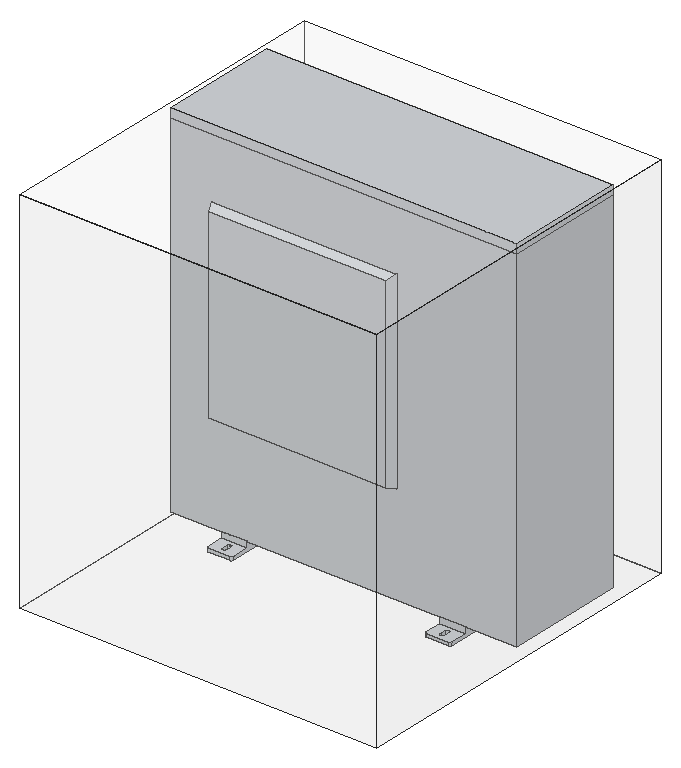
Revit family "puz-ermp80sha_280ka12_60Hz", category 機械設備, Revit 2019
Family settings
  丸型コネクタ寸法 = 直径を使用
  パーツ タイプ = 標準
  OmniClass 番号 = 23.75.10.24.21.27.27
  OmniClass タイトル = Split System Air Conditioning Units
  作業面ベース = いいえ
  常に垂直 = はい
  ロード時にボイドで切り取り = いいえ
  共有 = いいえ
  部屋計算ポイント = いいえ
Parameters (values of type "PUZ-ERMP140LA12")
  音響パワーレベル（冷）(dB) = 73
  音響パワーレベル(dB) = 74
  電源種別 = ""
  電源位置Y = 5 mm
  電源位置Z = 685 mm
  電源位置X = 275 mm
  電圧 = 200 V
  電動機出力_送風機 = 0.2 kW
  電動機出力_圧縮機 = 2.6 kW
  集中コントローラ [instance] = ""
  運転質量 = 0.00 kg
  運転方法 = "冷暖切替"
  質量 = if(製品質量 > 運転質量, 製品質量, 運転質量) * 1.2  # 90.00 kg
  負荷分類 = 1_熱源類
  説明 = "空冷H/P PAC インバータ室外機"
  設計暖房能力 [instance] = 0 kW
  設計冷房能力_顕熱 [instance] = 0 kW
  設計冷房能力 [instance] = 0 kW
  設置方法 = "床置形"
  記号 [instance] = ""
  製造元 = "三菱電機株式会社"
  製品質量 = 75.00 kg
  製品出荷対象 = "国内"
  製品リリース年月 = "2022/10/11"
  製品グループ = ""
  系統 [instance] = ""
  符号 = "PAC"
  積算_科目 = "1 空気調和設備"
  積算_拾い区分 [instance] = ""
  相 = 3
  盤記号 [instance] = ""
  発停方法 = "付属スイッチ"
  特殊仕様 [instance] = ""
  消費電力_暖房 = 3.32 kW
  消費電力_冷房 = 3.37 kW
  消費電力 = if(消費電力_冷房 > 消費電力_暖房, 消費電力_冷房, 消費電力_暖房)  # 3.37 kW
  法定耐用年数 = "6"
  構成品番 = "PUZ-ERMP140LA"
  極数 = 3
  材質 [instance] = ""
  本体マテリアル = none
  最小電線太さ_mm2 = 1.6
  最大電流値 = 0 A
  暖房能力 = 14 kW
  推奨ブレーカー容量 = 30 A
  据付ピッチ1 = 0 mm
  形式 = "パッケージ形 室外機"
  形名 = PUZ-ERMP-4 : PUZ-ERMP112
  幹線記号 [instance] = ""
  始動方式 = "インバータ始動方式"
  呼称 = "パッケージ形空気調和機_室外機"
  周波数 = 60 Hz
  価格 = 1010000
  ドレン　位置Z = 23 mm
  ドレン　位置Y = 111.4 mm
  ドレン　位置X = 52 mm
  アンカーボルト位置Y = 370 mm
  アンカーボルト位置X = 600 mm
  参照している仕様書等のバージョン = "公共建築物標準仕様書（機械設備工事編）平成31年度版"
  分類コード = "50053003126100"
  分類グループ = ""
  冷房能力 = 12.5 kW
  冷媒管（ガス）位置X = 429 mm
  冷媒管（液）位置X = 372 mm
  冷媒管（液）位置Y = 290.5 mm
  冷媒管（ガス）位置Y = 269 mm
  冷媒管長 [instance] = 0 mm
  冷媒管径符号 = "Bd"
  冷媒管径 = 100.00 mm
  冷媒管位置Z = 447 mm
  冷媒管位置Y = (冷媒管（液）位置Y + 冷媒管（ガス）位置Y) / 2  # 279.75 mm
  冷媒管位置X = (冷媒管（液）位置X + 冷媒管（ガス）位置X) / 2  # 400.5 mm
  冷媒液管径 = 9.52 mm
  冷媒ガス管径 = 15.88 mm
  企業コード = "108420"
  付属品 [instance] = ""
  仕様書バージョン = "Version1.0"
  ユニット数 = 1
  ユニット3 = no
  ユニット2 = yes
  Model = ""
  ドレン管径 = 33.00 mm
  サービススペース = yes
  コメント [instance] = ""
  ケーブル種類1 = ""
  Width = 950 mm
  Version = ""
  Uniclass2015Version = "Systems v1.9"
  Uniclass2015Title = "Split coil remote air cooled condensing units"
  Uniclass2015Code = "Pr_70_65_03_84"
  URL = "https://www.mitsubishielectric.co.jp/ldg/wink/ssl/displayProduct.do?pid=323579"
  SpecificationReference = ""
  SpecificationDescription = ""
  Revision = ""
  ProductInformation = ""
  OmniClassCode = "23-33 17 13 11"
  IfcTypeProduct = ""
  IfcProduct = ""
  IfcExportType = "AIRCONDITIONINGUNIT"
  IfcExportAs = "IfcUnitaryEquipmentType"
  Height = 1018 mm
  Depth = 330 mm
  Clearance Top = 0 mm
  Clearance Right = 15 mm
  Clearance Left = 15 mm
  Clearance Front = 500 mm
  Clearance Bottom = 0 mm
  Clearance Back = 150 mm
  COP = 0
  Author = "三菱電機株式会社"
  APF = 0
Reference planes
  plane 1 "中心(正面/背面)": y = 74
  plane 2: z = 0
  plane 3 "中心(左/右)": x = 830
  plane 4 "右": x = 1305
  plane 5 "左": x = 355
  plane 6 "背面": y = 239
  plane 7 "正面": y = -91
  plane 8 "上部": z = 1018
  plane 9 "Clearanse Top": z = 1018
  plane 10 "SS_back": y = 389
  plane 11 "SS_front": y = -591
  plane 12 "SS_left": x = 340
  plane 13 "SS_right": x = 1320
  plane 14: z = 0
  plane 15: y = -86
  plane 16: x = 1105
  plane 17: z = 685
  plane 18: y = -84
  plane 19: y = -40.75
  plane 20: x = 1230.5
  plane 21: z = 447
  plane 22: z = 449
  plane 23: y = 127.6
  plane 24: x = 407
  plane 25: z = 25
  plane 26: z = 23
  plane 27: x = 530
  plane 28: x = 1130
  plane 29: y = 259
  plane 30: y = -111
Forms (mm)
  Extrusion 1, solid, detail levels fine
    sketch origin (0, -91, 0) x (1, 0, 0) y (0, 0, 1)
      loop
        circle (1105, 685) r 13.5
    from -7 to -5
  Extrusion 2, solid, detail levels fine
    sketch origin (-1437.329, -1524, 54) x (-1, 0, 0) y (0, -1, 0)
      loop
        circle (-2667.829, -1483.25) r 50
    from 393 to 395
  Extrusion 3, solid, detail levels fine
    sketch origin (-1437.329, -1524, 54) x (-1, 0, 0) y (0, -1, 0)
      loop
        circle (-1844.329, -1651.6) r 16.5
    from -31 to -29
Lines and regions (mm)
  model lines, not visible
    curve 1: line (460, 178.667, 1289.179) -> (460, 297.73, 1289.179)
    curve 2: line (460, 178.667, 1056.056) -> (460, 178.667, 1289.179)
    curve 3: line (460, 297.73, 1056.056) -> (460, 178.667, 1056.056)
    curve 4: line (460, 297.73, 1289.179) -> (460, 297.73, 1056.056)
    curve 5: line (460, 47.598, 1289.179) -> (460, 166.661, 1289.179)
    curve 6: line (460, 47.598, 1056.056) -> (460, 47.598, 1289.179)
    curve 7: line (460, 166.661, 1056.056) -> (460, 47.598, 1056.056)
    curve 8: line (460, 166.661, 1289.179) -> (460, 166.661, 1056.056)
    curve 9: line (460, -83.471, 1289.179) -> (460, 35.592, 1289.179)
    curve 10: line (460, -83.471, 1056.056) -> (460, -83.471, 1289.179)
    curve 11: line (460, 35.592, 1056.056) -> (460, -83.471, 1056.056)
    curve 12: line (460, 35.592, 1289.179) -> (460, 35.592, 1056.056)
    curve 13: line (460, -150.779, 1289.179) -> (460, -95.75, 1289.179)
    curve 14: line (460, -150.779, 1056.056) -> (460, -150.779, 1289.179)
    curve 15: line (460, -95.75, 1056.056) -> (460, -150.779, 1056.056)
    curve 16: line (460, -95.75, 1289.179) -> (460, -95.75, 1056.056)
    curve 17: line (460, -150.779, 1283.175) -> (460, -132.596, 1283.175)
    curve 18: line (460, -150.779, 1062.059) -> (460, -150.779, 1283.175)
    curve 19: line (460, -132.596, 1062.059) -> (460, -150.779, 1062.059)
    curve 20: line (460, -132.596, 1283.175) -> (460, -132.596, 1062.059)
    curve 21: line (460, 178.667, 1046.051) -> (460, 297.73, 1046.051)
    curve 22: line (460, 178.667, 812.928) -> (460, 178.667, 1046.051)
    curve 23: line (460, 297.73, 812.928) -> (460, 178.667, 812.928)
    curve 24: line (460, 297.73, 1046.051) -> (460, 297.73, 812.928)
    curve 25: line (460, 47.598, 1046.051) -> (460, 166.661, 1046.051)
    curve 26: line (460, 47.598, 812.928) -> (460, 47.598, 1046.051)
    curve 27: line (460, 166.661, 812.928) -> (460, 47.598, 812.928)
    curve 28: line (460, 166.661, 1046.051) -> (460, 166.661, 812.928)
    curve 29: line (460, -83.471, 1046.051) -> (460, 35.592, 1046.051)
    curve 30: line (460, -83.471, 812.928) -> (460, -83.471, 1046.051)
    curve 31: line (460, 35.592, 812.928) -> (460, -83.471, 812.928)
    curve 32: line (460, 35.592, 1046.051) -> (460, 35.592, 812.928)
    curve 33: line (460, -150.779, 1046.051) -> (460, -95.75, 1046.051)
    curve 34: line (460, -150.779, 812.928) -> (460, -150.779, 1046.051)
    curve 35: line (460, -95.75, 812.928) -> (460, -150.779, 812.928)
    curve 36: line (460, -95.75, 1046.051) -> (460, -95.75, 812.928)
    curve 37: line (460, -150.779, 1040.048) -> (460, -132.596, 1040.048)
    curve 38: line (460, -150.779, 818.931) -> (460, -150.779, 1040.048)
    curve 39: line (460, -132.596, 818.931) -> (460, -150.779, 818.931)
    curve 40: line (460, -132.596, 1040.048) -> (460, -132.596, 818.931)
    curve 41: line (460, 178.667, 802.923) -> (460, 297.73, 802.923)
    curve 42: line (460, 178.667, 569.8) -> (460, 178.667, 802.923)
    curve 43: line (460, 297.73, 569.8) -> (460, 178.667, 569.8)
    curve 44: line (460, 297.73, 802.923) -> (460, 297.73, 569.8)
    curve 45: line (460, 47.598, 802.923) -> (460, 166.661, 802.923)
    curve 46: line (460, 47.598, 569.8) -> (460, 47.598, 802.923)
    curve 47: line (460, 166.661, 569.8) -> (460, 47.598, 569.8)
    curve 48: line (460, 166.661, 802.923) -> (460, 166.661, 569.8)
    curve 49: line (460, -83.471, 802.923) -> (460, 35.592, 802.923)
    curve 50: line (460, -83.471, 569.8) -> (460, -83.471, 802.923)
    curve 51: line (460, 35.592, 569.8) -> (460, -83.471, 569.8)
    curve 52: line (460, 35.592, 802.923) -> (460, 35.592, 569.8)
    curve 53: line (460, -150.779, 802.923) -> (460, -95.75, 802.923)
    curve 54: line (460, -150.779, 569.8) -> (460, -150.779, 802.923)
    curve 55: line (460, -95.75, 569.8) -> (460, -150.779, 569.8)
    curve 56: line (460, -95.75, 802.923) -> (460, -95.75, 569.8)
    curve 57: line (460, -150.779, 796.92) -> (460, -132.596, 796.92)
    curve 58: line (460, -150.779, 575.803) -> (460, -150.779, 796.92)
    curve 59: line (460, -132.596, 575.803) -> (460, -150.779, 575.803)
    curve 60: line (460, -132.596, 796.92) -> (460, -132.596, 575.803)
    curve 61: line (460, 178.667, 559.795) -> (460, 297.73, 559.795)
    curve 62: line (460, 178.667, 326.672) -> (460, 178.667, 559.795)
    curve 63: line (460, 297.73, 326.672) -> (460, 178.667, 326.672)
    curve 64: line (460, 297.73, 559.795) -> (460, 297.73, 326.672)
    curve 65: line (460, 47.598, 559.795) -> (460, 166.661, 559.795)
    curve 66: line (460, 47.598, 326.672) -> (460, 47.598, 559.795)
    curve 67: line (460, 166.661, 326.672) -> (460, 47.598, 326.672)
    curve 68: line (460, 166.661, 559.795) -> (460, 166.661, 326.672)
    curve 69: line (460, -83.471, 559.795) -> (460, 35.592, 559.795)
    curve 70: line (460, -83.471, 326.672) -> (460, -83.471, 559.795)
    curve 71: line (460, 35.592, 326.672) -> (460, -83.471, 326.672)
    curve 72: line (460, 35.592, 559.795) -> (460, 35.592, 326.672)
    curve 73: line (460, -150.779, 559.795) -> (460, -95.75, 559.795)
    curve 74: line (460, -150.779, 326.672) -> (460, -150.779, 559.795)
    curve 75: line (460, -95.75, 326.672) -> (460, -150.779, 326.672)
    curve 76: line (460, -95.75, 559.795) -> (460, -95.75, 326.672)
    curve 77: line (460, -150.779, 553.792) -> (460, -132.596, 553.792)
    curve 78: line (460, -150.779, 332.675) -> (460, -150.779, 553.792)
    curve 79: line (460, -132.596, 332.675) -> (460, -150.779, 332.675)
    curve 80: line (460, -132.596, 553.792) -> (460, -132.596, 332.675)
    curve 81: line (460, 178.667, 316.667) -> (460, 297.73, 316.667)
    curve 82: line (460, 178.667, 83.544) -> (460, 178.667, 316.667)
    curve 83: line (460, 297.73, 83.544) -> (460, 178.667, 83.544)
    curve 84: line (460, 297.73, 316.667) -> (460, 297.73, 83.544)
    curve 85: line (460, 47.598, 316.667) -> (460, 166.661, 316.667)
    curve 86: line (460, 47.598, 83.544) -> (460, 47.598, 316.667)
    curve 87: line (460, 166.661, 83.544) -> (460, 47.598, 83.544)
    curve 88: line (460, 166.661, 316.667) -> (460, 166.661, 83.544)
    curve 89: line (460, -83.471, 316.667) -> (460, 35.592, 316.667)
    curve 90: line (460, -83.471, 83.544) -> (460, -83.471, 316.667)
    curve 91: line (460, 35.592, 83.544) -> (460, -83.471, 83.544)
    curve 92: line (460, 35.592, 316.667) -> (460, 35.592, 83.544)
    curve 93: line (460, -150.779, 316.667) -> (460, -95.75, 316.667)
    curve 94: line (460, -150.779, 83.544) -> (460, -150.779, 316.667)
    curve 95: line (460, -95.75, 83.544) -> (460, -150.779, 83.544)
    curve 96: line (460, -95.75, 316.667) -> (460, -95.75, 83.544)
    curve 97: line (460, -150.779, 310.664) -> (460, -132.596, 310.664)
    curve 98: line (460, -150.779, 89.547) -> (460, -150.779, 310.664)
    curve 99: line (460, -132.596, 89.547) -> (460, -150.779, 89.547)
    curve 100: line (460, -132.596, 310.664) -> (460, -132.596, 89.547)
Dimensions and locks
  equal spacing: plane 7 "正面", plane 1 "中心(正面/背面)", plane 6 "背面"
  "Depth": plane 7 "正面" to plane 6 "背面"
  "Width": plane 5 "左" to plane 4 "右"
  equal spacing: plane 5 "左", plane 3 "中心(左/右)", plane 4 "右"
  "Clearance Left": plane 12 "SS_left" to plane 5 "左"
  "Clearance Right": plane 4 "右" to plane 13 "SS_right"
  "Clearance Back": plane 6 "背面" to plane 10 "SS_back"
  "Clearance Front": plane 11 "SS_front" to plane 7 "正面"
  "Height": plane 8 "上部" to level
  "Clearance Top": plane 9 "Clearanse Top" to plane 8 "上部"
  "Clearance Bottom": level to plane 14
  "電源位置X": plane 3 "中心(左/右)" to plane 16
  "電源位置Y": plane 7 "正面" to plane 15
  "電源位置Z": plane 17 to level
  locked: plane 15 to plane 18 at 2
  "冷媒管位置X": plane 3 "中心(左/右)" to plane 20
  "冷媒管位置Y": plane 19 to plane 6 "背面"
  "冷媒管位置Z": plane 21 to level
  locked: plane 22 to plane 21 at 2
  "ドレン　位置X": plane 5 "左" to plane 24
  "ドレン　位置Y": plane 23 to plane 6 "背面"
  locked: plane 25 to plane 26 at 2
  "ドレン　位置Z": plane 26 to level
  equal spacing: plane 30, plane 1 "中心(正面/背面)", plane 29
  "アンカーボルト位置Y": plane 30 to plane 29
  equal spacing: plane 27, plane 3 "中心(左/右)", plane 28
  "アンカーボルト位置X": plane 27 to plane 28
  radius of Extrusion 1 sketch curve = 13.5 mm
  "冷媒管径": diameter of Extrusion 2 sketch curve
  "ドレン管径": diameter of Extrusion 3 sketch curve
  aligned and locked: level to plane 2
  aligned and locked: plane 10 "SS_back" to nested 1  (x2)
  aligned and locked: plane 13 "SS_right" to nested 1
  aligned and locked: plane 12 "SS_left" to nested 1  (x2)
  aligned and locked: nested 1 to plane 13 "SS_right"
  aligned and locked: plane 11 "SS_front" to nested 1
  aligned and locked: plane 9 "Clearanse Top" to nested 1
  aligned and locked: plane 1 "中心(正面/背面)" to nested 2
  aligned and locked: plane 3 "中心(左/右)" to nested 2
  aligned and locked: plane 14 to nested 1
  aligned and locked: plane 17 to Extrusion 1 sketch curve
  aligned and locked: plane 16 to Extrusion 1 sketch curve
  aligned and locked: Extrusion 1 to plane 18
  aligned and locked: plane 15 to Extrusion 1
  aligned and locked: plane 19 to Extrusion 2 sketch curve
  aligned and locked: plane 20 to Extrusion 2 sketch curve
  aligned and locked: plane 22 to Extrusion 2
  aligned and locked: Extrusion 2 to plane 21
  aligned and locked: plane 24 to Extrusion 3 sketch curve
  aligned and locked: plane 23 to Extrusion 3 sketch curve
  aligned and locked: plane 25 to Extrusion 3
  aligned and locked: Extrusion 3 to plane 26
  aligned and locked: plane 27 to nested 3
  aligned and locked: plane 29 to nested 3
Nested families
  nested 1: "サービススペース" at (830, -101, 509), visible <- "サービススペース", type "サービススペース"
    with Width 980 mm, Height 1018 mm, Depth 980 mm
  nested 2: "PUZ-ERMP-4" at (830, 74, 0), type <- "形名", type "PUZ-ERMP112"
  nested 3: "固定点" at (530, -111, 0), type "固定点"
    with W 600 mm, D 370 mm
Connectors
  piping at (1230.5, -40.75, 447), diameter 100, driven by "冷媒管径", driven by "冷媒管径符号"
    settings: on Extrusion 2, index 1, connector inside diameter 609.60 mm, connector length 0 mm, flow factor 0, pipe flow 0.0 L/s, pressure drop 0.0 Pa, fitting loss kfactor 0, connector angle 0.00°, fixture units 0, engagement length 0 mm, angle of deflection 0.00°, flow configuration 1, flow direction 2, fitting loss method 4, system type 7, joint type 0, gender type 0, connector reference index -1, connector utility 0, adjustable connector no, is connector primary yes, connector description "Bd"
  electrical at (1105, -86, 685), driven by "極数", driven by "負荷分類", driven by "電圧", driven by "消費電力"
    settings: on Extrusion 1, index 2, voltage 200 V, apparent load 3370 VA, apparent load phase1 0 VA, apparent load phase2 0 VA, apparent load phase3 0 VA, power factor 1, load classification "1_熱源類", number of poles 3, system type 30, power factor state 1, is connector primary yes, connector utility no, sub classification motor no, connector description ""
Definition of nested family "サービススペース"
  Parameters (values of type "サービススペース")
    Width [instance] = 500 mm
    Height [instance] = 500 mm
    Depth [instance] = 500 mm
  Reference planes
    plane 1 "中心(正面/背面)": y = 0
    plane 2: z = 0
    plane 3 "中心(左/右)": x = 0
    plane 4: y = -250
    plane 5: x = 250
    plane 6: y = 250
    plane 7: x = -250
    plane 8: z = 250
    plane 9: z = -250
  Forms (mm)
    Extrusion 1, solid
      sketch origin (-638.939, 0, 72.39) x (1, 0, 0) y (0, 1, 0)
        loop
          line (388.939, 250) -> (388.939, -250) -> (888.939, -250) -> (888.939, 250) -> (388.939, 250)
      from -322.39 to 177.61
  Lines and regions (mm)
    symbolic lines
      curve 1: line (-250, 0, 250) -> (250, 0, 250)
      curve 2: line (-250, 0, -250) -> (-250, 0, 250)
      curve 3: line (250, 0, -250) -> (-250, 0, -250)
      curve 4: line (250, 0, 250) -> (250, 0, -250)
      curve 5: line (0, -250, 250) -> (0, 250, 250)
      curve 6: line (0, -250, -250) -> (0, -250, 250)
      curve 7: line (0, 250, -250) -> (0, -250, -250)
      curve 8: line (0, 250, 250) -> (0, 250, -250)
      curve 9: line (-250, 250, 0) -> (250, 250, 0)
      curve 10: line (-250, -250, 0) -> (-250, 250, 0)
      curve 11: line (250, -250, 0) -> (-250, -250, 0)
      curve 12: line (250, 250, 0) -> (250, -250, 0)
  Dimensions and locks
    equal spacing: plane 7, plane 3 "中心(左/右)", plane 5
    equal spacing: plane 4, plane 1 "中心(正面/背面)", plane 6
    "Depth": plane 4 to plane 6
    "Width": plane 7 to plane 5
    equal spacing: plane 8, plane 2, plane 9
    "Height": plane 8 to plane 9
    aligned and locked: plane 9 to curve 3
    aligned and locked: plane 7 to curve 2
    aligned and locked: curve 4 to plane 5
    aligned and locked: plane 5 to Extrusion 1
    aligned and locked: Extrusion 1 to plane 7
    aligned and locked: Extrusion 1 to plane 9
    aligned and locked: plane 8 to Extrusion 1
    aligned and locked: plane 9 to curve 7
  Automatic sketch dimensions
    plane 4 to Extrusion 1 sketch curve = 0 mm
    Extrusion 1 sketch curve to plane 7 = 0 mm
    Extrusion 1 sketch curve to plane 5 = 0 mm
    plane 6 to Extrusion 1 sketch curve = 0 mm
    curve 2 to plane 8 = 0 mm
    plane 4 to curve 11 = 0 mm
    curve 11 to plane 7 = 0 mm
    curve 11 to plane 5 = 0 mm
    plane 6 to curve 10 = 0 mm
    curve 7 to plane 4 = 0 mm
    curve 7 to plane 6 = 0 mm
    curve 6 to plane 8 = 0 mm
Definition of nested family "PUZ-ERMP-4"
  Parameters (values of type "PUZ-ERMP112")
    配線取出口サイズ = 27 mm
    配線取出口-Z = 685 mm
    配線取出口-Y = 325 mm
    配線取出口-X = 275 mm
    液配管サイズ = 100 mm
    高さ = 1018 mm
    換気-W = 367 mm
    換気-H2 = 632 mm
    換気-H1 = 563 mm
    換気-D = 25 mm
    奥行き = 330 mm
    吊りボルト_H = 0 mm
    吊りボルト-φ = 12 mm
    冷媒配管サイズ = 9.52 mm
    冷媒液管径-Z = 447 mm
    冷媒液管径-Y = 290.5 mm
    冷媒液管径-X = 372 mm
    冷媒ガス管径-Z = 431 mm
    冷媒ガス管径-Y = 269 mm
    冷媒ガス管径-X = 429 mm
    吊りボルト-W = 600 mm
    マテリアル = none
    ドレン配管サイズ = 33 mm
    ドレン管径-Z = 0 mm
    ドレン管径-Y = 118.6 mm
    ドレン管径-X = 423 mm
    タイプ3 = no
    タイプ2 = yes
    タイプ1 = no
    ガス配管サイズ = 15.88 mm
    吊りボルト-D = 370 mm
    幅さ = 950 mm
    a = 幅さ / 2  # 475 mm
  Reference planes
    plane 1 "中心(正面/背面)": y = 0
    plane 2: z = 0
    plane 3 "中心(左/右)": x = 0
    plane 4: z = 1018
    plane 5: x = -475
    plane 6: x = 475
    plane 7: y = 165
    plane 8: y = -165
    plane 9: x = 537
    plane 10: y = -105
    plane 11: y = 5
    plane 12: z = 993
    plane 13: x = -495
    plane 14: x = -300
    plane 15: x = 300
    plane 16: y = 185
    plane 17: y = -185
    plane 18: x = 335
    plane 19: x = 265
    plane 20: x = -265
    plane 21: x = -335
    plane 22: y = 204
    plane 23: y = -218
    plane 24: z = 8.5
    plane 25: z = 25
    plane 26: z = 23
    plane 27: x = -185
    plane 28: x = 170
    plane 29: z = 1013
    plane 30: y = -40
    plane 31: y = 40
    plane 32: y = -30
    plane 33: y = 30
    plane 34: z = 998
    plane 35: z = 55
    plane 36: z = 225
    plane 37: z = 570
    plane 38: x = 485
    plane 39: x = 506
    plane 40: y = -190
    plane 41: x = -108
    plane 42: z = 563
    plane 43: x = 146
    plane 44: x = -362
    plane 45: z = 827
    plane 46: z = 299
    plane 47: x = -352
    plane 48: x = 136
    plane 49: z = 817
    plane 50: z = 309
    plane 51: y = 115
    plane 52: y = -115
    plane 53: y = -46.4
    plane 54: x = 429
    plane 55: x = 275
    plane 56: y = -160
    plane 57: y = -125.5
    plane 58: y = -104
    plane 59: x = 372
    plane 60: z = 431
    plane 61: z = 447
    plane 62: z = 685
    plane 63: y = -110
    plane 64: z = 531
    plane 65: z = 547
    plane 66: x = 400.5
    plane 67: y = -114.75
    plane 68 "グループ": x = -475
    plane 69: z = 1338
    plane 70: z = 943
    plane 71: z = 1195
    plane 72: z = 1459
    plane 73: z = 931
    plane 74: z = 1449
    plane 75: z = 941
    plane 76: x = -423
    plane 77: y = 129
    plane 78: x = -215
    plane 79: x = -108
    plane 80: x = 22
    plane 81: x = 152
    plane 82: y = 53.6
  Forms (mm)
    Extrusion 1, solid, visible <- "タイプ2", detail levels fine
      sketch origin (-1437.329, -1524, 1018) x (-1, 0, 0) y (0, -1, 0)
        loop
          line (-1102.329, -1689) -> (-1102.329, -1359) -> (-1172.329, -1359) -> (-1172.329, -1689) -> (-1102.329, -1689)
        loop
          line (-1702.329, -1689) -> (-1702.329, -1359) -> (-1772.329, -1359) -> (-1772.329, -1689) -> (-1702.329, -1689)
      from -1018 to -993
    Extrusion 2, solid, material <- "マテリアル", visible <- "タイプ2", detail levels fine
      sketch origin (-1437.329, -1524, 1018) x (-1, 0, 0) y (0, -1, 0)
        loop
          line (-1912.329, -1689) -> (-962.329, -1689) -> (-962.329, -1359) -> (-1912.329, -1359) -> (-1912.329, -1689)
      from -993 to -25
    Extrusion 3, solid, material <- "マテリアル", visible <- "タイプ2", detail levels fine
      sketch origin (-1437.329, -1524, 1018) x (-1, 0, 0) y (0, -1, 0)
        loop
          line (-962.329, -1689) -> (-962.329, -1359) -> (-1912.329, -1359) -> (-1912.329, -1689) -> (-962.329, -1689)
      from -25 to 0
    Blend 4, solid, material <- "マテリアル", visible <- "タイプ2", detail levels fine
      base sketch origin (0, 0, 0) x (1, 0, 0) y (0, 0, 1)
        loop
          line (-362, 827) -> (-362, 299) -> (146, 299) -> (146, 827) -> (-362, 827)
      top sketch origin (0, 0, 0) x (1, 0, 0) y (0, 0, 1)
        loop
          line (-352, 817) -> (-352, 309) -> (136, 309) -> (136, 817) -> (-352, 817)
      from 165 to 190
    Extrusion 5, solid, material <- "マテリアル", visible <- "タイプ2", detail levels fine
      sketch origin (-1437.329, -1524, 1018) x (-1, 0, 0) y (0, -1, 0)
        loop
          circle (-1866.329, -1420) r 7.94
      from -587 to -487
    Extrusion 6, solid, material <- "マテリアル", visible <- "タイプ2", detail levels fine
      sketch origin (-1437.329, -1524, 1018) x (-1, 0, 0) y (0, -1, 0)
        loop
          circle (-1809.329, -1398.5) r 4.76
      from -571 to -471
    Extrusion 7, solid, material <- "マテリアル", visible <- "タイプ2", detail levels fine
      sketch origin (1480.036, -190, 1200) x (1, 0, 0) y (0, 0, 1)
        loop
          circle (-1205.036, -515) r 13.5
      from -80 to -30
    Extrusion 8, solid, material <- "マテリアル", visible <- "タイプ2", detail levels fine
      sketch origin (-1437.329, -1524, 1018) x (-1, 0, 0) y (0, -1, 0)
        loop
          circle (-1837.829, -1409.25) r 50
      from -571 to -471
    Extrusion 9, solid, visible <- "タイプ2", detail levels fine
      sketch origin (-1437.329, -1524, 1018) x (-1, 0, 0) y (0, -1, 0)
        loop
          line (-1102.329, -1728) -> (-1102.329, -1689) -> (-1172.329, -1689) -> (-1172.329, -1728) -> (-1143.329, -1728) -> (-1143.329, -1709)
          arc (-1143.329, -1709) -> (-1137.329, -1703) -> (-1131.329, -1709) r 6
          line (-1131.329, -1709) -> (-1131.329, -1728) -> (-1102.329, -1728)
        loop
          line (-1102.329, -1359) -> (-1102.329, -1311)
          arc (-1102.329, -1311) -> (-1103.794, -1307.464) -> (-1107.329, -1306) r 5
          line (-1107.329, -1306) -> (-1167.329, -1306)
          arc (-1167.329, -1306) -> (-1170.865, -1307.464) -> (-1172.329, -1311) r 5
          line (-1172.329, -1311) -> (-1172.329, -1359) -> (-1102.329, -1359)
        loop
          arc (-1143.329, -1339) -> (-1137.329, -1345) -> (-1131.329, -1339) r 6
          line (-1131.329, -1339) -> (-1131.329, -1324)
          arc (-1131.329, -1324) -> (-1137.329, -1318) -> (-1143.329, -1324) r 6
          line (-1143.329, -1324) -> (-1143.329, -1339)
        loop
          line (-1772.329, -1728) -> (-1743.329, -1728) -> (-1743.329, -1709)
          arc (-1743.329, -1709) -> (-1737.329, -1703) -> (-1731.329, -1709) r 6
          line (-1731.329, -1709) -> (-1731.329, -1728) -> (-1702.329, -1728) -> (-1702.329, -1689) -> (-1772.329, -1689) -> (-1772.329, -1728)
        loop
          line (-1772.329, -1359) -> (-1702.329, -1359) -> (-1702.329, -1311)
          arc (-1702.329, -1311) -> (-1703.794, -1307.464) -> (-1707.329, -1306) r 5
          line (-1707.329, -1306) -> (-1767.329, -1306)
          arc (-1767.329, -1306) -> (-1770.865, -1307.464) -> (-1772.329, -1311) r 5
          line (-1772.329, -1311) -> (-1772.329, -1359)
        loop
          line (-1731.329, -1339) -> (-1731.329, -1324)
          arc (-1731.329, -1324) -> (-1737.329, -1318) -> (-1743.329, -1324) r 6
          line (-1743.329, -1324) -> (-1743.329, -1339)
          arc (-1743.329, -1339) -> (-1737.329, -1345) -> (-1731.329, -1339) r 6
      from -1018 to -1009.5
    Extrusion 10, solid, material <- "マテリアル", visible <- "タイプ2", detail levels fine
      sketch origin (-1437.329, -1524, 1018) x (-1, 0, 0) y (0, -1, 0)
        loop
          circle (-1014.329, -1477.6) r 16.5
        loop
          circle (-1222.329, -1653) r 16.5
        loop
          circle (-1329.329, -1653) r 16.5
        loop
          circle (-1459.329, -1653) r 16.5
        loop
          circle (-1589.329, -1653) r 16.5
        loop
          circle (-1014.329, -1577.6) r 16.5
      from -995 to -993
  Cuts and joins
    joined: Extrusion 1, Extrusion 9
  Lines and regions (mm)
    Masking region 1, visible <- "タイプ2", detail levels coarse+medium
      outline origin (-1437.329, -1524, 1018) x (-1, 0, 0) y (0, -1, 0)
        loop
          line (-1912.329, -1689) -> (-1772.329, -1689) -> (-1772.329, -1728) -> (-1702.329, -1728) -> (-1702.329, -1689) -> (-1172.329, -1689) -> (-1172.329, -1728) -> (-1102.329, -1728) -> (-1102.329, -1689) -> (-962.329, -1689) -> (-962.329, -1359) -> (-1075.329, -1359) -> (-1085.329, -1334) -> (-1102.329, -1334) -> (-1102.329, -1306) -> (-1172.329, -1306) -> (-1172.329, -1334) -> (-1573.329, -1334) -> (-1583.329, -1359) -> (-1702.329, -1359) -> (-1702.329, -1306) -> (-1772.329, -1306) -> (-1772.329, -1359) -> (-1912.329, -1359) -> (-1912.329, -1689)
    model lines, visible <- "タイプ2", detail levels fine
      curve 1: line (-352, -190, 610.5) -> (136, -190, 610.5)
      curve 2: line (136, -190, 515.5) -> (-352, -190, 515.5)
      curve 3: line (-352, -190, 705.5) -> (136, -190, 705.5)
      curve 4: line (-352, -190, 800.5) -> (136, -190, 800.5)
      curve 5: line (136, -190, 420.5) -> (-352, -190, 420.5)
      curve 6: line (136, -190, 325.5) -> (-352, -190, 325.5)
      curve 7: line (-334.571, -190, 817) -> (-334.571, -190, 309)
      curve 8: line (118.571, -190, 309) -> (118.571, -190, 817)
      curve 9: line (-317.143, -190, 817) -> (-317.143, -190, 309)
      curve 10: line (-299.714, -190, 817) -> (-299.714, -190, 309)
      curve 11: line (-282.286, -190, 817) -> (-282.286, -190, 309)
      curve 12: line (-264.857, -190, 817) -> (-264.857, -190, 309)
      curve 13: line (-247.429, -190, 817) -> (-247.429, -190, 309)
      curve 14: line (-230, -190, 817) -> (-230, -190, 309)
      curve 15: line (-212.571, -190, 817) -> (-212.571, -190, 309)
      curve 16: line (-195.143, -190, 817) -> (-195.143, -190, 309)
      curve 17: line (-177.714, -190, 817) -> (-177.714, -190, 309)
      curve 18: line (-160.286, -190, 817) -> (-160.286, -190, 309)
      curve 19: line (-142.857, -190, 817) -> (-142.857, -190, 309)
      curve 20: line (-125.429, -190, 817) -> (-125.429, -190, 309)
      curve 21: line (-108, -190, 817) -> (-108, -190, 309)
      curve 22: line (-90.571, -190, 817) -> (-90.571, -190, 309)
      curve 23: line (-73.143, -190, 817) -> (-73.143, -190, 309)
      curve 24: line (-55.714, -190, 817) -> (-55.714, -190, 309)
      curve 25: line (-38.286, -190, 817) -> (-38.286, -190, 309)
      curve 26: line (-20.857, -190, 817) -> (-20.857, -190, 309)
      curve 27: line (-3.429, -190, 817) -> (-3.429, -190, 309)
      curve 28: line (14, -190, 817) -> (14, -190, 309)
      curve 29: line (31.429, -190, 817) -> (31.429, -190, 309)
      curve 30: line (48.857, -190, 817) -> (48.857, -190, 309)
      curve 31: line (66.286, -190, 817) -> (66.286, -190, 309)
      curve 32: line (83.714, -190, 817) -> (83.714, -190, 309)
      curve 33: line (101.143, -190, 817) -> (101.143, -190, 309)
    model lines, visible <- "タイプ3", not visible
      curve 34: line (-404.5, -100, 907) -> (-404.5, -60, 907)
      curve 35: line (-404.5, -100, 1097) -> (-404.5, -100, 907)
      curve 36: line (-404.5, -60, 1097) -> (-404.5, -100, 1097)
      curve 37: line (-404.5, -60, 907) -> (-404.5, -60, 1097)
      curve 38: line (-404.5, 60, 907) -> (-404.5, 100, 907)
      curve 39: line (-404.5, 60, 1097) -> (-404.5, 60, 907)
      curve 40: line (-404.5, 100, 1097) -> (-404.5, 60, 1097)
      curve 41: line (-404.5, 100, 907) -> (-404.5, 100, 1097)
      curve 42: line (-404.5, -46.667, 907) -> (-404.5, -6.667, 907)
      curve 43: line (-404.5, -46.667, 1097) -> (-404.5, -46.667, 907)
      curve 44: line (-404.5, -6.667, 1097) -> (-404.5, -46.667, 1097)
      curve 45: line (-404.5, -6.667, 907) -> (-404.5, -6.667, 1097)
      curve 46: line (-404.5, 6.667, 907) -> (-404.5, 46.667, 907)
      curve 47: line (-404.5, 6.667, 1097) -> (-404.5, 6.667, 907)
      curve 48: line (-404.5, 46.667, 1097) -> (-404.5, 6.667, 1097)
      curve 49: line (-404.5, 46.667, 907) -> (-404.5, 46.667, 1097)
      curve 50: line (-404.5, -100, 1112) -> (-404.5, -60, 1112)
      curve 51: line (-404.5, -100, 1302) -> (-404.5, -100, 1112)
      curve 52: line (-404.5, -60, 1302) -> (-404.5, -100, 1302)
      curve 53: line (-404.5, -60, 1112) -> (-404.5, -60, 1302)
      curve 54: line (-404.5, 60, 1112) -> (-404.5, 100, 1112)
      curve 55: line (-404.5, 60, 1302) -> (-404.5, 60, 1112)
      curve 56: line (-404.5, 100, 1302) -> (-404.5, 60, 1302)
      curve 57: line (-404.5, 100, 1112) -> (-404.5, 100, 1302)
      curve 58: line (-404.5, -46.667, 1112) -> (-404.5, -6.667, 1112)
      curve 59: line (-404.5, -46.667, 1302) -> (-404.5, -46.667, 1112)
      curve 60: line (-404.5, -6.667, 1302) -> (-404.5, -46.667, 1302)
      curve 61: line (-404.5, -6.667, 1112) -> (-404.5, -6.667, 1302)
      curve 62: line (-404.5, 6.667, 1112) -> (-404.5, 46.667, 1112)
      curve 63: line (-404.5, 6.667, 1302) -> (-404.5, 6.667, 1112)
      curve 64: line (-404.5, 46.667, 1302) -> (-404.5, 6.667, 1302)
      curve 65: line (-404.5, 46.667, 1112) -> (-404.5, 46.667, 1302)
    model lines, visible <- "タイプ2", not visible
      curve 66: line (-600, -100, 33.5) -> (-600, -60, 33.5)
      curve 67: line (-600, -100, 73.5) -> (-600, -100, 33.5)
      curve 68: line (-600, -60, 73.5) -> (-600, -100, 73.5)
      curve 69: line (-600, -60, 33.5) -> (-600, -60, 73.5)
      curve 70: line (-600, 60, 33.5) -> (-600, 100, 33.5)
      curve 71: line (-600, 60, 73.5) -> (-600, 60, 33.5)
      curve 72: line (-600, 100, 73.5) -> (-600, 60, 73.5)
      curve 73: line (-600, 100, 33.5) -> (-600, 100, 73.5)
      curve 74: line (-509, -46.667, 33.5) -> (-509, -6.667, 33.5)
      curve 75: line (-509, -46.667, 73.5) -> (-509, -46.667, 33.5)
      curve 76: line (-509, -6.667, 73.5) -> (-509, -46.667, 73.5)
      curve 77: line (-509, -6.667, 33.5) -> (-509, -6.667, 73.5)
      curve 78: line (-509, 6.667, 33.5) -> (-509, 46.667, 33.5)
      curve 79: line (-509, 6.667, 73.5) -> (-509, 6.667, 33.5)
      curve 80: line (-509, 46.667, 73.5) -> (-509, 6.667, 73.5)
      curve 81: line (-509, 46.667, 33.5) -> (-509, 46.667, 73.5)
    model lines, visible <- "タイプ2", not visible, detail levels fine
      curve 82: line (-475, -100, 87) -> (-475, -60, 87)
      curve 83: line (-475, -100, 277) -> (-475, -100, 87)
      curve 84: line (-475, -60, 277) -> (-475, -100, 277)
      curve 85: line (-475, -60, 87) -> (-475, -60, 277)
      curve 86: line (-475, -100, 292) -> (-475, -60, 292)
      curve 87: line (-475, -100, 482) -> (-475, -100, 292)
      curve 88: line (-475, -60, 482) -> (-475, -100, 482)
      curve 89: line (-475, -60, 292) -> (-475, -60, 482)
      curve 90: line (-475, -100, 497) -> (-475, -60, 497)
      curve 91: line (-475, -100, 687) -> (-475, -100, 497)
      curve 92: line (-475, -60, 687) -> (-475, -100, 687)
      curve 93: line (-475, -60, 497) -> (-475, -60, 687)
      curve 94: line (-475, -100, 702) -> (-475, -60, 702)
      curve 95: line (-475, -100, 892) -> (-475, -100, 702)
      curve 96: line (-475, -60, 892) -> (-475, -100, 892)
      curve 97: line (-475, -60, 702) -> (-475, -60, 892)
      curve 98: line (-475, 60, 87) -> (-475, 100, 87)
      curve 99: line (-475, 60, 277) -> (-475, 60, 87)
      curve 100: line (-475, 100, 277) -> (-475, 60, 277)
      curve 101: line (-475, 100, 87) -> (-475, 100, 277)
      curve 102: line (-475, -46.667, 87) -> (-475, -6.667, 87)
      curve 103: line (-475, -46.667, 277) -> (-475, -46.667, 87)
      curve 104: line (-475, -6.667, 277) -> (-475, -46.667, 277)
      curve 105: line (-475, -6.667, 87) -> (-475, -6.667, 277)
      curve 106: line (-475, 6.667, 87) -> (-475, 46.667, 87)
      curve 107: line (-475, 6.667, 277) -> (-475, 6.667, 87)
      curve 108: line (-475, 46.667, 277) -> (-475, 6.667, 277)
      curve 109: line (-475, 46.667, 87) -> (-475, 46.667, 277)
      curve 110: line (-475, 60, 292) -> (-475, 100, 292)
      curve 111: line (-475, 60, 482) -> (-475, 60, 292)
      curve 112: line (-475, 100, 482) -> (-475, 60, 482)
      curve 113: line (-475, 100, 292) -> (-475, 100, 482)
      curve 114: line (-475, 60, 702) -> (-475, 100, 702)
      curve 115: line (-475, 60, 892) -> (-475, 60, 702)
      curve 116: line (-475, 100, 892) -> (-475, 60, 892)
      curve 117: line (-475, 100, 702) -> (-475, 100, 892)
      curve 118: line (-475, -46.667, 292) -> (-475, -6.667, 292)
      curve 119: line (-475, -46.667, 482) -> (-475, -46.667, 292)
      curve 120: line (-475, -6.667, 482) -> (-475, -46.667, 482)
      curve 121: line (-475, -6.667, 292) -> (-475, -6.667, 482)
      curve 122: line (-475, -46.667, 497) -> (-475, -6.667, 497)
      curve 123: line (-475, -46.667, 687) -> (-475, -46.667, 497)
      curve 124: line (-475, -6.667, 687) -> (-475, -46.667, 687)
      curve 125: line (-475, -6.667, 497) -> (-475, -6.667, 687)
      curve 126: line (-475, -46.667, 702) -> (-475, -6.667, 702)
      curve 127: line (-475, -46.667, 892) -> (-475, -46.667, 702)
      curve 128: line (-475, -6.667, 892) -> (-475, -46.667, 892)
      curve 129: line (-475, -6.667, 702) -> (-475, -6.667, 892)
      curve 130: line (-475, 6.667, 292) -> (-475, 46.667, 292)
      curve 131: line (-475, 6.667, 482) -> (-475, 6.667, 292)
      curve 132: line (-475, 46.667, 482) -> (-475, 6.667, 482)
      curve 133: line (-475, 46.667, 292) -> (-475, 46.667, 482)
      curve 134: line (-475, 6.667, 497) -> (-475, 46.667, 497)
      curve 135: line (-475, 6.667, 687) -> (-475, 6.667, 497)
      curve 136: line (-475, 46.667, 687) -> (-475, 6.667, 687)
      curve 137: line (-475, 46.667, 497) -> (-475, 46.667, 687)
      curve 138: line (-475, 6.667, 702) -> (-475, 46.667, 702)
      curve 139: line (-475, 6.667, 892) -> (-475, 6.667, 702)
      curve 140: line (-475, 46.667, 892) -> (-475, 6.667, 892)
      curve 141: line (-475, 46.667, 702) -> (-475, 46.667, 892)
      curve 175: line (-475, -100, 33.5) -> (-475, -60, 33.5)
      curve 176: line (-475, -100, 73.5) -> (-475, -100, 33.5)
      curve 177: line (-475, -60, 73.5) -> (-475, -100, 73.5)
      curve 178: line (-475, -60, 33.5) -> (-475, -60, 73.5)
      curve 179: line (-475, 60, 33.5) -> (-475, 100, 33.5)
      curve 180: line (-475, 60, 73.5) -> (-475, 60, 33.5)
      curve 181: line (-475, 100, 73.5) -> (-475, 60, 73.5)
      curve 182: line (-475, 100, 33.5) -> (-475, 100, 73.5)
      curve 183: line (-475, -46.667, 33.5) -> (-475, -6.667, 33.5)
      curve 184: line (-475, -46.667, 73.5) -> (-475, -46.667, 33.5)
      curve 185: line (-475, -6.667, 73.5) -> (-475, -46.667, 73.5)
      curve 186: line (-475, -6.667, 33.5) -> (-475, -6.667, 73.5)
      curve 187: line (-475, 6.667, 33.5) -> (-475, 46.667, 33.5)
      curve 188: line (-475, 6.667, 73.5) -> (-475, 6.667, 33.5)
      curve 189: line (-475, 46.667, 73.5) -> (-475, 6.667, 73.5)
      curve 190: line (-475, 46.667, 33.5) -> (-475, 46.667, 73.5)
    model lines, not visible
      curve 142: line (-338.5, -173.2, 372.5) -> (149.5, -173.2, 372.5)
      curve 143: line (149.5, -173.2, 277.5) -> (-338.5, -173.2, 277.5)
      curve 144: line (-338.5, -173.2, 467.5) -> (149.5, -173.2, 467.5)
      curve 145: line (-338.5, -173.2, 562.5) -> (149.5, -173.2, 562.5)
      curve 146: line (149.5, -173.2, 182.5) -> (-338.5, -173.2, 182.5)
      curve 147: line (149.5, -173.2, 87.5) -> (-338.5, -173.2, 87.5)
      curve 148: line (-321.071, -173.2, 579) -> (-321.071, -173.2, 71)
      curve 149: line (132.071, -173.2, 71) -> (132.071, -173.2, 579)
      curve 150: line (-303.643, -173.2, 579) -> (-303.643, -173.2, 71)
      curve 151: line (-286.214, -173.2, 579) -> (-286.214, -173.2, 71)
      curve 152: line (-268.786, -173.2, 579) -> (-268.786, -173.2, 71)
      curve 153: line (-251.357, -173.2, 579) -> (-251.357, -173.2, 71)
      curve 154: line (-233.929, -173.2, 579) -> (-233.929, -173.2, 71)
      curve 155: line (-216.5, -173.2, 579) -> (-216.5, -173.2, 71)
      curve 156: line (-199.071, -173.2, 579) -> (-199.071, -173.2, 71)
      curve 157: line (-181.643, -173.2, 579) -> (-181.643, -173.2, 71)
      curve 158: line (-164.214, -173.2, 579) -> (-164.214, -173.2, 71)
      curve 159: line (-146.786, -173.2, 579) -> (-146.786, -173.2, 71)
      curve 160: line (-129.357, -173.2, 579) -> (-129.357, -173.2, 71)
      curve 161: line (-111.929, -173.2, 579) -> (-111.929, -173.2, 71)
      curve 162: line (-94.5, -173.2, 579) -> (-94.5, -173.2, 71)
      curve 163: line (-77.071, -173.2, 579) -> (-77.071, -173.2, 71)
      curve 164: line (-59.643, -173.2, 579) -> (-59.643, -173.2, 71)
      curve 165: line (-42.214, -173.2, 579) -> (-42.214, -173.2, 71)
      curve 166: line (-24.786, -173.2, 579) -> (-24.786, -173.2, 71)
      curve 167: line (-7.357, -173.2, 579) -> (-7.357, -173.2, 71)
      curve 168: line (10.071, -173.2, 579) -> (10.071, -173.2, 71)
      curve 169: line (27.5, -173.2, 579) -> (27.5, -173.2, 71)
      curve 170: line (44.929, -173.2, 579) -> (44.929, -173.2, 71)
      curve 171: line (62.357, -173.2, 579) -> (62.357, -173.2, 71)
      curve 172: line (79.786, -173.2, 579) -> (79.786, -173.2, 71)
      curve 173: line (97.214, -173.2, 579) -> (97.214, -173.2, 71)
      curve 174: line (114.643, -173.2, 579) -> (114.643, -173.2, 71)
    symbolic lines, visible <- "タイプ2"
      curve 191: line (-351.899, 165, 1018) -> (-475, 165, 1018)
      curve 192: line (-475, 165, 1018) -> (-475, -165, 1018)
      curve 193: line (-475, -165, 1018) -> (-329.191, -165, 1018)
      curve 194: line (-362, -165, 1018) -> (-352, -190, 1018)
      curve 195: line (-352, -190, 1018) -> (-346.98, -190, 1018)
      curve 196: line (-335, -190, 1018) -> (-335, -218, 1018)
      curve 197: line (-335, -218, 1018) -> (-265, -218, 1018)
      curve 198: line (-265, -218, 1018) -> (-265, -190, 1018)
      curve 199: line (-346.98, -190, 1018) -> (136, -190, 1018)
      curve 200: line (136, -190, 1018) -> (146, -165, 1018)
      curve 201: line (-329.191, -165, 1018) -> (302.486, -165, 1018)
      curve 202: line (265, -165, 1018) -> (265, -218, 1018)
      curve 203: line (265, -218, 1018) -> (335, -218, 1018)
      curve 204: line (335, -218, 1018) -> (335, -165, 1018)
      curve 205: line (302.486, -165, 1018) -> (475, -165, 1018)
      curve 206: line (475, -165, 1018) -> (475, 165, 1018)
      curve 207: line (475, 165, 1018) -> (354.548, 165, 1018)
      curve 208: line (335, 165, 1018) -> (335, 204, 1018)
      curve 209: line (335, 204, 1018) -> (265, 204, 1018)
      curve 210: line (265, 204, 1018) -> (265, 165, 1018)
      curve 211: line (354.548, 165, 1018) -> (-351.899, 165, 1018)
      curve 212: line (-265, 165, 1018) -> (-265, 204, 1018)
      curve 213: line (-265, 204, 1018) -> (-335, 204, 1018)
      curve 214: line (-335, 204, 1018) -> (-335, 165, 1018)
      curve 215: line (-350, 115, 1018) -> (390, 115, 1018)
      curve 216: line (-350, 45, 1018) -> (-350, 115, 1018)
      curve 217: line (390, 45, 1018) -> (-350, 45, 1018)
      curve 218: line (390, 115, 1018) -> (390, 45, 1018)
      curve 219: line (405, 115, 1018) -> (420, 115, 1018)
      curve 220: line (405, -115, 1018) -> (405, 115, 1018)
      curve 221: line (420, -115, 1018) -> (405, -115, 1018)
      curve 222: line (420, 115, 1018) -> (420, -115, 1018)
      curve 223: line (390, -35, 1018) -> (-350, -35, 1018)
      curve 224: line (390, 35, 1018) -> (390, -35, 1018)
      curve 225: line (-350, 35, 1018) -> (390, 35, 1018)
      curve 226: line (-350, -35, 1018) -> (-350, 35, 1018)
      curve 227: line (-380, 115, 1018) -> (-365, 115, 1018)
      curve 228: line (-380, -115, 1018) -> (-380, 115, 1018)
      curve 229: line (-365, -115, 1018) -> (-380, -115, 1018)
      curve 230: line (-365, 115, 1018) -> (-365, -115, 1018)
      curve 231: line (-350, -45, 1018) -> (390, -45, 1018)
      curve 232: line (-350, -115, 1018) -> (-350, -45, 1018)
      curve 233: line (390, -115, 1018) -> (-350, -115, 1018)
      curve 234: line (390, -45, 1018) -> (390, -115, 1018)
  Dimensions and locks
    equal spacing: plane 8, plane 1 "中心(正面/背面)", plane 7
    "奥行き": plane 8 to plane 7
    equal spacing: plane 5, plane 3 "中心(左/右)", plane 6
    "幅さ": plane 5 to plane 6
    "高さ": plane 4 to level
    locked: plane 6 to plane 9 at 62
    locked: plane 8 to plane 10 at 60
    locked: plane 8 to plane 11 at 170
    locked: plane 4 to plane 12 at 25
    locked: plane 13 to plane 5 at 20
    "吊りボルト-D": plane 17 to plane 16
    equal spacing: plane 17, plane 1 "中心(正面/背面)", plane 16
    equal spacing: plane 14, plane 3 "中心(左/右)", plane 15
    "吊りボルト-W": plane 14 to plane 15
    plane 19 to plane 15 to plane 18 = 35 mm locked, 35 mm locked
    locked: plane 16 to plane 22 at 19
    locked: plane 23 to plane 17 at 33
    locked: plane 24 to level at 8.5
    plane 25 to level = 25 mm
    locked: plane 4 to plane 29 at 5
    plane 7 to plane 1 "中心(正面/背面)" to plane 8 = 165 mm, 165 mm
    plane 31 to plane 1 "中心(正面/背面)" to plane 30 = 40 mm, 40 mm
    plane 33 to plane 1 "中心(正面/背面)" to plane 32 = 30 mm, 30 mm
    locked: plane 34 to plane 12 at 5
    locked: plane 35 to level at 55
    locked: plane 36 to level at 225
    equal spacing: plane 6, plane 39, plane 9
    locked: plane 6 to plane 38 at 10
    locked: plane 28 to plane 19 at 95
    "換気-D": plane 40 to plane 8
    "換気-W": plane 41 to plane 5
    "換気-H1": plane 42 to level
    plane 43 to plane 41 to plane 44 = 254 mm locked, 254 mm locked
    plane 45 to plane 42 to plane 46 = 264 mm locked, 264 mm locked
    locked: plane 43 to plane 48 at 10
    locked: plane 47 to plane 44 at 10
    locked: plane 45 to plane 49 at 10
    locked: plane 50 to plane 46 at 10
    locked: curve 6 to plane 50 at 16.5
    locked: plane 49 to curve 4 at 16.5
    equal spacing: curve 4, curve 3, curve 1, curve 2, curve 5, curve 6
    equal spacing: plane 48, curve 8, curve 33, curve 32, curve 31, curve 30, curve 29, curve 28, curve 27, curve 26, curve 25, curve 24, curve 23, curve 22, curve 21, curve 20, curve 19, curve 18, curve 17, curve 16, curve 15, curve 14, curve 13, curve 12, curve 11, curve 10, curve 9, curve 7, plane 47
    locked: plane 51 to plane 7 at 50
    locked: plane 8 to plane 52 at 50
    "ドレン管径-Y": plane 8 to plane 53
    "配線取出口-Y": plane 56 to plane 7
    "冷媒液管径-Y": plane 57 to plane 7
    "冷媒ガス管径-Y": plane 58 to plane 7
    "配線取出口-X": plane 3 "中心(左/右)" to plane 55
    "冷媒ガス管径-X": plane 3 "中心(左/右)" to plane 54
    "冷媒液管径-X": plane 3 "中心(左/右)" to plane 59
    "冷媒液管径-Z": plane 61 to level
    "冷媒ガス管径-Z": plane 60 to level
    "配線取出口-Z": plane 62 to level
    locked: plane 56 to plane 63 at 50
    locked: plane 64 to plane 60 at 100
    locked: plane 65 to plane 61 at 100
    equal spacing: plane 59, plane 66, plane 54
    equal spacing: plane 57, plane 67, plane 58
    "a": plane 68 "グループ" to plane 3 "中心(左/右)"
    plane 70 to level = 943 mm
    plane 69 to level = 1338 mm
    locked: plane 37 to level at 570
    curve 1 to plane 42 to curve 2 = 47.5 mm locked, 47.5 mm locked
    "換気-H2": plane 71 to plane 42
    plane 72 to plane 71 to plane 73 = 264 mm locked, 264 mm locked
    locked: plane 75 to plane 73 at 10
    locked: plane 72 to plane 74 at 10
    plane 48 to plane 47 = 488 mm
    locked: plane 25 to plane 26 at 2
    "ドレン管径-X": plane 76 to plane 3 "中心(左/右)"
    locked: plane 14 to plane 20 at 35
    locked: plane 21 to plane 14 at 35
    plane 76 to plane 78 to plane 79 to plane 80 to plane 81 = 208 mm locked, 107 mm locked, 130 mm locked, 130 mm locked
    plane 53 to plane 82 to plane 77 = 100 mm locked, 75.4 mm locked
    "ガス配管サイズ": diameter of Extrusion 5 sketch curve
    "冷媒配管サイズ": diameter of Extrusion 6 sketch curve
    "配線取出口サイズ": diameter of Extrusion 7 sketch curve
    "液配管サイズ": diameter of Extrusion 8 sketch curve
    "ドレン配管サイズ": diameter of Extrusion 10 sketch curve  (x5)
    aligned and locked: level to plane 2
    aligned and locked: Extrusion 1 to level
    aligned and locked: plane 25 to Extrusion 1
    aligned and locked: Extrusion 2 sketch curve to plane 7
    aligned and locked: Extrusion 2 sketch curve to plane 8
    aligned and locked: Extrusion 2 sketch curve to plane 5
    aligned and locked: Extrusion 2 sketch curve to plane 6
    aligned and locked: Extrusion 2 to plane 25
    aligned and locked: plane 12 to Extrusion 2
    aligned and locked: Extrusion 3 sketch curve to Extrusion 2  (x4)
    aligned and locked: Extrusion 3 to plane 12
    aligned and locked: plane 4 to Extrusion 3
    aligned and locked: Blend 4 sketch curve to plane 45
    aligned and locked: Blend 4 sketch curve to plane 46
    aligned and locked: Blend 4 sketch curve to plane 44
    aligned and locked: Blend 4 sketch curve to plane 43
    aligned and locked: Blend 4 sketch curve to plane 49
    aligned and locked: Blend 4 sketch curve to plane 47
    aligned and locked: Blend 4 sketch curve to plane 48
    aligned and locked: Blend 4 sketch curve to plane 50
    aligned and locked: Blend 4 to plane 8
    aligned and locked: plane 40 to Blend 4
    aligned and locked: plane 58 to Extrusion 5 sketch curve
    aligned and locked: plane 54 to Extrusion 5 sketch curve
    aligned and locked: plane 59 to Extrusion 6 sketch curve
    aligned and locked: plane 57 to Extrusion 6 sketch curve
    aligned and locked: plane 62 to Extrusion 7 sketch curve
    aligned and locked: plane 55 to Extrusion 7 sketch curve
    aligned and locked: plane 56 to Extrusion 7
    aligned and locked: Extrusion 7 to plane 63
    aligned and locked: plane 65 to Extrusion 6
    aligned and locked: plane 64 to Extrusion 5
    aligned and locked: Extrusion 6 to plane 61
    aligned and locked: Extrusion 5 to plane 60
    aligned and locked: plane 67 to Extrusion 8 sketch curve
    aligned and locked: plane 66 to Extrusion 8 sketch curve
    aligned and locked: Extrusion 8 to plane 61
    aligned and locked: plane 65 to Extrusion 8
    aligned and locked: plane 22 to Extrusion 9 sketch curve
    aligned and locked: plane 21 to Extrusion 9 sketch curve
    aligned and locked: Extrusion 9 sketch curve to Extrusion 1  (x4)
    aligned and locked: Extrusion 9 sketch curve to plane 23
    aligned and locked: Extrusion 9 sketch curve to plane 20
    aligned and locked: plane 24 to Extrusion 9
    aligned and locked: Extrusion 9 to level
    aligned and locked: plane 25 to Extrusion 10
    aligned and locked: Extrusion 10 to plane 26
    aligned and locked: Masking region 1 sketch curve to Extrusion 3  (x4)
    aligned and locked: Masking region 1 sketch curve to Extrusion 9  (x11)
    aligned and locked: Masking region 1 sketch curve to Blend 4  (x3)
    aligned and locked: Extrusion 9 to Masking region 1 sketch curve
    aligned and locked: plane 76 to Extrusion 10 sketch curve
    aligned and locked: plane 53 to Extrusion 10 sketch curve
    aligned and locked: plane 78 to Extrusion 10 sketch curve
    aligned and locked: plane 79 to Extrusion 10 sketch curve
    aligned and locked: plane 77 to Extrusion 10 sketch curve  (x4)
    aligned and locked: plane 81 to Extrusion 10 sketch curve
    aligned and locked: plane 80 to Extrusion 10 sketch curve
  Automatic sketch dimensions
    plane 7 to Extrusion 1 sketch curve = 0 mm  (x2)
    Extrusion 1 sketch curve to plane 18 = 0 mm
    plane 8 to Extrusion 1 sketch curve = 0 mm  (x2)
    Extrusion 1 sketch curve to plane 19 = 0 mm
    Extrusion 1 sketch curve to plane 20 = 0 mm
    Extrusion 1 sketch curve to plane 21 = 0 mm
    curve 75 to curve 76 = 40 mm
    curve 74 to curve 78 = 13.333 mm
    curve 78 to curve 78 = 40 mm
    curve 74 to curve 81 = 0 mm
    curve 74 to curve 76 = 40 mm
    curve 76 to curve 79 = 0 mm
    curve 67 to curve 68 = 40 mm
    curve 66 to curve 70 = 120 mm
    curve 70 to curve 70 = 40 mm
    curve 66 to curve 73 = 0 mm
    curve 66 to curve 68 = 40 mm
    curve 70 to curve 71 = 40 mm
    curve 5 to plane 47 = 0 mm
    curve 4 to plane 47 = 0 mm
    curve 2 to plane 47 = 0 mm
    curve 3 to plane 47 = 0 mm
    curve 6 to plane 47 = 0 mm
    curve 1 to plane 47 = 0 mm
    curve 4 to plane 48 = 0 mm
    curve 5 to plane 48 = 0 mm
    curve 6 to plane 48 = 0 mm
    curve 3 to plane 48 = 0 mm
    curve 2 to plane 48 = 0 mm
    curve 1 to plane 48 = 0 mm
    curve 17 to plane 50 = 0 mm
    curve 32 to plane 50 = 0 mm
    curve 31 to plane 50 = 0 mm
    curve 30 to plane 50 = 0 mm
    curve 29 to plane 50 = 0 mm
    curve 28 to plane 50 = 0 mm
    curve 27 to plane 50 = 0 mm
    curve 26 to plane 50 = 0 mm
    curve 25 to plane 50 = 0 mm
    curve 24 to plane 50 = 0 mm
    curve 23 to plane 50 = 0 mm
    curve 22 to plane 50 = 0 mm
    curve 21 to plane 50 = 0 mm
    curve 7 to plane 50 = 0 mm
    curve 8 to plane 50 = 0 mm
    curve 20 to plane 50 = 0 mm
    curve 19 to plane 50 = 0 mm
    curve 9 to plane 50 = 0 mm
    curve 18 to plane 50 = 0 mm
    curve 10 to plane 50 = 0 mm
    curve 33 to plane 50 = 0 mm
    curve 11 to plane 50 = 0 mm
    curve 16 to plane 50 = 0 mm
    curve 12 to plane 50 = 0 mm
    curve 15 to plane 50 = 0 mm
    curve 13 to plane 50 = 0 mm
    curve 14 to plane 50 = 0 mm
    curve 8 to plane 49 = 0 mm
    curve 21 to plane 49 = 0 mm
    curve 7 to plane 49 = 0 mm
    curve 22 to plane 49 = 0 mm
    curve 11 to plane 49 = 0 mm
    curve 20 to plane 49 = 0 mm
    curve 17 to plane 49 = 0 mm
    curve 19 to plane 49 = 0 mm
    curve 12 to plane 49 = 0 mm
    curve 25 to plane 49 = 0 mm
    curve 16 to plane 49 = 0 mm
    curve 26 to plane 49 = 0 mm
    curve 23 to plane 49 = 0 mm
    curve 27 to plane 49 = 0 mm
    curve 9 to plane 49 = 0 mm
    curve 28 to plane 49 = 0 mm
    curve 10 to plane 49 = 0 mm
    curve 29 to plane 49 = 0 mm
    curve 24 to plane 49 = 0 mm
    curve 30 to plane 49 = 0 mm
    curve 13 to plane 49 = 0 mm
    curve 31 to plane 49 = 0 mm
    curve 15 to plane 49 = 0 mm
    curve 32 to plane 49 = 0 mm
    curve 18 to plane 49 = 0 mm
    curve 33 to plane 49 = 0 mm
    curve 14 to plane 49 = 0 mm
    Extrusion 9 sketch curve to plane 18 = 0 mm  (x2)
    plane 8 to Extrusion 9 sketch curve = 0 mm
    plane 23 to Extrusion 9 sketch curve = 0 mm
    plane 22 to Extrusion 9 sketch curve = 0 mm  (x3)
    plane 16 to Extrusion 9 sketch curve = 0 mm  (x3)
    plane 17 to Extrusion 9 sketch curve = 0 mm  (x2)
    Extrusion 9 sketch curve to plane 15 = 0 mm  (x2)
    Extrusion 9 sketch curve to plane 19 = 0 mm  (x2)
    Extrusion 9 sketch curve to plane 14 = 0 mm  (x2)
    plane 7 to Extrusion 9 sketch curve = 0 mm
    Extrusion 9 sketch curve to Extrusion 9 sketch curve = 5 mm
    plane 15 to Extrusion 9 sketch curve = 6 mm  (x2)
    plane 19 to Extrusion 9 sketch curve = 5 mm
    Extrusion 9 sketch curve to plane 20 = 5 mm
    plane 14 to Extrusion 9 sketch curve = 6 mm  (x2)
    plane 21 to Extrusion 9 sketch curve = 5 mm
    plane 40 to Masking region 1 sketch curve = 0 mm
    plane 8 to Masking region 1 sketch curve = 0 mm  (x2)
    plane 7 to Masking region 1 sketch curve = 0 mm  (x2)
    curve 205 to plane 6 = 0 mm
    plane 7 to curve 207 = 0 mm
    curve 208 to plane 18 = 0 mm
    curve 203 to plane 18 = 0 mm
    plane 8 to curve 201 = 0 mm
    curve 209 to plane 19 = 0 mm
    curve 202 to plane 19 = 0 mm
    curve 200 to plane 43 = 0 mm
    curve 199 to plane 48 = 0 mm
    curve 212 to plane 20 = 0 mm
    curve 195 to plane 21 = 11.98 mm
    curve 213 to plane 21 = 0 mm
    curve 194 to plane 47 = 0 mm
    curve 194 to plane 44 = 0 mm
    curve 192 to plane 5 = 0 mm
    plane 22 to curve 208 = 0 mm
    plane 22 to curve 212 = 0 mm
    plane 23 to curve 197 = 0 mm
    plane 23 to curve 202 = 0 mm
    plane 66 to curve 220 = 4.5 mm
    curve 207 to plane 59 = 17.452 mm
    plane 15 to curve 201 = 2.486 mm
    curve 191 to plane 21 = 16.899 mm
    plane 47 to curve 201 = 22.809 mm
    plane 40 to Extrusion 9 sketch curve = 10 mm  (x2)
    curve 198 to plane 20 = 0 mm
    curve 197 to plane 21 = 0 mm
    plane 40 to curve 198 = 0 mm
    plane 52 to curve 221 = 0 mm
    plane 51 to curve 219 = 0 mm
    curve 221 to plane 54 = 9 mm
    curve 223 to plane 30 = 5 mm
    curve 223 to plane 66 = 10.5 mm
    plane 52 to curve 229 = 0 mm
    plane 51 to curve 227 = 0 mm
    plane 47 to curve 226 = 2 mm
    curve 229 to plane 44 = 3 mm
    curve 229 to curve 228 = 15 mm
    curve 218 to plane 31 = 5 mm
    plane 51 to curve 215 = 0 mm
    plane 47 to curve 216 = 2 mm
    plane 31 to curve 225 = 5 mm
    curve 218 to curve 224 = 0 mm
    curve 231 to plane 53 = 1.4 mm
    curve 231 to curve 223 = 0 mm
    plane 52 to curve 233 = 0 mm
    plane 47 to curve 233 = 2 mm
    Extrusion 10 sketch curve to plane 76 = 0 mm
    plane 82 to Extrusion 10 sketch curve = 0 mm
    radius of Extrusion 10 sketch curve = 16.5 mm
Definition of nested family "固定点"
  Parameters (values of type "固定点")
    中心円 = if(W > 599 mm, 12 mm, 10 mm)  # 12 mm
    W = 1000 mm
    D = 1000 mm
  Reference planes
    plane 1 "中心(正面/背面)": y = 0
    plane 2: z = 0
    plane 3 "中心(左/右)": x = 0
    plane 4: x = 1000
    plane 5: y = 1000
  Lines and regions (mm)
    symbolic lines, detail levels fine
      curve 1: circle (0, 1000, 0) r 6 normal (0, 0, 1)
      curve 2: circle (0, 0, 0) r 6 normal (0, 0, 1)
      curve 3: circle (1000, 1000, 0) r 6 normal (0, 0, 1)
      curve 4: circle (1000, 0, 0) r 6 normal (0, 0, 1)
      curve 5: line (-200, 1000, 0) -> (1200, 1000, 0)
      curve 6: line (-200, 0, 0) -> (1200, 0, 0)
      curve 7: line (0, 1200, 0) -> (0, -200, 0)
      curve 8: line (1000, 1200, 0) -> (1000, -200, 0)
  Dimensions and locks
    "W": plane 3 "中心(左/右)" to plane 4
    "D": plane 1 "中心(正面/背面)" to plane 5
    "中心円": diameter of curve 1
    "中心円": diameter of curve 2
    "中心円": diameter of curve 3
    "中心円": diameter of curve 4
    aligned and locked: level to plane 2
    aligned and locked: plane 5 to curve 1
    aligned and locked: plane 3 "中心(左/右)" to curve 1
    aligned and locked: plane 3 "中心(左/右)" to curve 2
    aligned and locked: plane 1 "中心(正面/背面)" to curve 2
    aligned and locked: plane 4 to curve 3
    aligned and locked: plane 5 to curve 3
    aligned and locked: plane 1 "中心(正面/背面)" to curve 4
    aligned and locked: plane 4 to curve 4
    aligned and locked: plane 1 "中心(正面/背面)" to curve 6
    aligned and locked: curve 7 to plane 3 "中心(左/右)"
